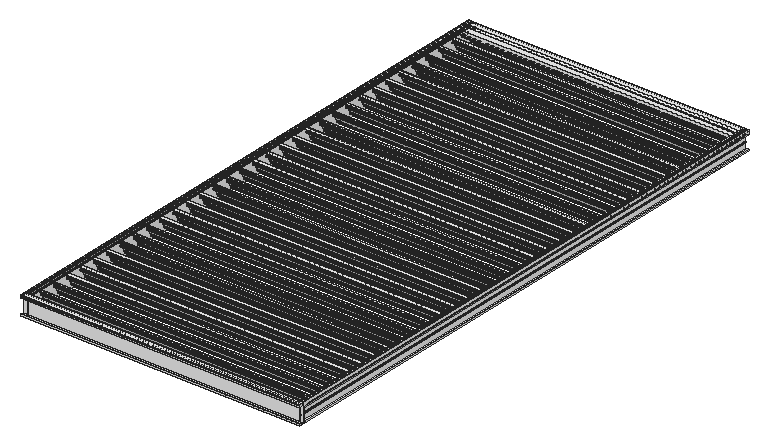
Revit family "All-Lite_EFJ-430_R17", category Mechanical Equipment, host Face, Revit 2017
Family settings
  Host = Face
  Round Connector Dimension = Use Diameter
  Part Type = Normal
  Cut with Voids When Loaded = No
  Shared = No
  Room Calculation Point = No
Parameters (values of type "60" x 120"")
  Width Control = if(Width < 4 1/2", 4 1/2", Width)  # 60"
  Width = 60"
  Wall Depth [instance] = 12"
  Velocity @ 0.15 in. wg. Pressure Loss = "960 fpm"  # constant formula
  URL = "https://www.alllite.com/"
  Pressure Loss = ".16 in. wg"  # constant formula
  Screen = "1/2'' x 0.063'' expanded and flattened aluminum."  # constant formula
  Product URL = "https://www.alllite.com/media/resource/EFJ430.pdf"
  Revit Components [instance] = "www.commensestudio.com"
  Mullion = "Visible"  # constant formula
  Modeled By = "Commense Studio"  # constant formula
  Model = "EFJ-430"  # constant formula
  Maximum Size = "60'' x 120''"  # constant formula
  Louver Placement from Face [instance] = 1"
  Height Control = if(Height < 7 1/2", 7 1/2", Height)  # 120"
  Free Area Velocity = "1002 fpm"  # constant formula
  Design Load = "30 psf"  # constant formula
  Air Volume Delivered = "8549 cfm"  # constant formula
  Material = "Mill finish 6063-T5 extruded aluminum."  # constant formula
  Manufacturer = "All-Lite"  # constant formula
  Aluminum [instance] = Aluminum
  Blade Width = Width - 2"  # 58"
  Frame = "4'' deep x 0.081'' thick channel."  # constant formula
  Description = "The EFJ-430 extruded aluminum louver is designed for intake\r\nand exhaust application where protection against water\r\ninfiltration is not critical. The EFJ-430 is well suited for special\r\nshape applications and is available with hidden mullions for a\r\ncontinuous blade appearance of multiple section assemblies.\r\nThe EFJ-430 is available in a wide array of anodized and\r\npainted finishes including custom color matching."  # constant formula
  Height = 120"
  Depth = 4"  # constant formula
  Default Elevation = 0"
  Minimum Size = "4.5'' x 7.5'"  # constant formula
  Blades = "30° x 0.081'' thick J- style."  # constant formula
  Assembly Code = "B3020300"
  Array Control 2 = if(Array Control 1 < 2, 2, Array Control 1)  # 32
  Array Control 1 = (Height - 9 23/32") / 3 1/2"  # 32
Types (3): name | Width Control | Width | URL | Product URL | Height Control | Blade Width | Height | Array Control 2 | Array Control 1
  (no name) | 60" | 60" | "https://www.alllite.com/" | "https://www.alllite.com/media/resource/EFJ430.pdf" | 120" | 58" | 120" | 32 | 32
  60" x 120" | 60" | 60" | "https://www.alllite.com/" | "https://www.alllite.com/media/resource/EFJ430.pdf" | 120" | 58" | 120" | 32 | 32
  36" x 48" | 36" | 36" | "https://www.pottorff.com/" | "" | 48" | 34" | 48" | 11 | 11
Reference planes (in)
  plane 1 "Center (Front/Back)": y = 0
  plane 2: z = 0
  plane 3 "Center (Left/Right)": x = 0
  plane 4 "L": x = -30
  plane 5 "R": x = 30
  plane 6 "B": y = 60
  plane 7 "F": y = -60
  plane 8 "Framing Sweeps": z = -1
  plane 9: x = -29
  plane 10: x = 29
  plane 11 "blade": z = -1.081
  plane 12: y = -57
  plane 13: y = 56.7965
  plane 14: y = 53.2965
  plane 15: z = -5.4937
  plane 16: z = -12
Forms (in)
  Sweep 1, solid, material "Aluminum" <- "Aluminum"
    path origin (0, 0, -1) x (-1, 0, 0) y (0, -1, 0)
      loop
        line (30, 60) -> (-30, 60)
    profile origin (0, -60, -1) x (0, 1, 0) y (0, 0, 1)
      loop
        line (0.984, -3.919) -> (0.984, 0) -> (0, 0) -> (0, -0.206) -> (0.065, -0.206)
        arc (0.065, -0.206) -> (0.07568, -0.17511) -> (0.10563, -0.162) r 0.04076
        line (0.10563, -0.162) -> (0.181, -0.162) -> (0.181, -0.081) -> (0.309, -0.081) -> (0.309, -0.162) -> (0.4005, -0.162) -> (0.4005, -0.305) -> (0, -0.305) -> (0, -0.5625) -> (0.081, -0.5625) -> (0.081, -0.386) -> (0.4815, -0.386) -> (0.4815, -0.081) -> (0.903, -0.081) -> (0.903, -3.919) -> (0.081, -3.919) -> (0.081, -3.6875) -> (0, -3.6875) -> (0, -4) -> (3.984, -4) -> (3.984, -3.919) -> (0.984, -3.919)
  Sweep 2, solid, material "Aluminum" <- "Aluminum"
    path origin (0, 0, -1) x (-1, 0, 0) y (0, -1, 0)
      loop
        line (29, -60) -> (-29, -60)
    profile origin (0, 60, -1) x (0, 1, 0) y (0, 0, 1)
      loop
        line (0, -4) -> (0, -0.213) -> (-0.401, -0.213) -> (-0.401, -0.07) -> (-0.09873, -0.07)
        arc (-0.09873, -0.07) -> (-0.08447, -0.07703) -> (-0.08138, -0.09263) r 0.01796
        arc (-0.08138, -0.09263) -> (-0.07846, -0.10736) -> (-0.065, -0.114) r 0.01697
        line (-0.065, -0.114) -> (0, -0.114) -> (0, 0) -> (-0.99667, 0) -> (-1.696, -0.69933) -> (-1.63872, -0.7566) -> (-0.96312, -0.081) -> (-0.482, -0.081) -> (-0.482, -0.294) -> (-0.081, -0.294) -> (-0.081, -0.812) -> (-0.29327, -0.812)
        arc (-0.29327, -0.812) -> (-0.33377, -0.8525) -> (-0.29327, -0.893) r 0.0405
        line (-0.29327, -0.893) -> (-0.1249, -0.893)
        arc (-0.1249, -0.893) -> (-0.0809, -0.937) -> (-0.1249, -0.981) r 0.044
        line (-0.1249, -0.981) -> (-0.59685, -0.981)
        arc (-0.59685, -0.981) -> (-0.56224, -0.94639) -> (-0.59685, -0.91177) r 0.03461
        line (-0.59685, -0.91177) -> (-0.90713, -0.91177)
        arc (-0.90713, -0.91177) -> (-0.92864, -0.90877) -> (-0.9485, -0.9) r 0.07856
        line (-0.9485, -0.9) -> (-3.1065, -0.9) -> (-3.1065, -0.081) -> (-2.2275, -0.081)
        arc (-2.2275, -0.081) -> (-2.187, -0.0405) -> (-2.2275, 0) r 0.0405
        line (-2.2275, 0) -> (-3.14844, 0)
        arc (-3.14844, 0) -> (-3.17606, -0.01144) -> (-3.1875, -0.03906) r 0.03906
        line (-3.1875, -0.03906) -> (-3.1875, -0.94378)
        arc (-3.1875, -0.94378) -> (-3.1766, -0.9701) -> (-3.15028, -0.981) r 0.03722
        line (-3.15028, -0.981) -> (-2.89238, -0.981)
        arc (-2.89238, -0.981) -> (-2.86453, -0.99253) -> (-2.853, -1.02038) r 0.03938
        line (-2.853, -1.02038) -> (-2.853, -1.13575)
        arc (-2.853, -1.13575) -> (-2.85952, -1.15736) -> (-2.87691, -1.17175) r 0.03906
        arc (-2.87691, -1.17175) -> (-2.97427, -1.2875) -> (-2.93733, -1.43417) r 0.166
        arc (-2.93733, -1.43417) -> (-2.88042, -1.43766) -> (-2.87642, -1.38078) r 0.0405
        arc (-2.87642, -1.38078) -> (-2.8125, -1.23975) -> (-2.74858, -1.38078) r 0.085
        arc (-2.74858, -1.38078) -> (-2.74482, -1.43793) -> (-2.68767, -1.43417) r 0.0405
        arc (-2.68767, -1.43417) -> (-2.65073, -1.2875) -> (-2.74809, -1.17175) r 0.166
        arc (-2.74809, -1.17175) -> (-2.76548, -1.15736) -> (-2.772, -1.13575) r 0.03906
        line (-2.772, -1.13575) -> (-2.772, -1.01598)
        arc (-2.772, -1.01598) -> (-2.76176, -0.99124) -> (-2.73702, -0.981) r 0.03498
        line (-2.73702, -0.981) -> (-1.89304, -0.981)
        arc (-1.89304, -0.981) -> (-1.86473, -0.99273) -> (-1.853, -1.02104) r 0.04004
        line (-1.853, -1.02104) -> (-1.853, -1.12468)
        arc (-1.853, -1.12468) -> (-1.8616, -1.15456) -> (-1.88475, -1.1753) r 0.05622
        arc (-1.88475, -1.1753) -> (-1.97518, -1.29171) -> (-1.93733, -1.43417) r 0.166
        arc (-1.93733, -1.43417) -> (-1.88042, -1.43766) -> (-1.87642, -1.38078) r 0.0405
        arc (-1.87642, -1.38078) -> (-1.8125, -1.23975) -> (-1.74858, -1.38078) r 0.085
        arc (-1.74858, -1.38078) -> (-1.74458, -1.43766) -> (-1.68767, -1.43417) r 0.0405
        arc (-1.68767, -1.43417) -> (-1.65054, -1.28834) -> (-1.74651, -1.17243) r 0.166
        arc (-1.74651, -1.17243) -> (-1.76506, -1.15683) -> (-1.772, -1.13361) r 0.04231
        line (-1.772, -1.13361) -> (-1.772, -1.02489)
        arc (-1.772, -1.02489) -> (-1.75914, -0.99386) -> (-1.7281, -0.981) r 0.04389
        line (-1.7281, -0.981) -> (-0.831, -0.981) -> (-0.831, -1.062) -> (-0.55649, -1.062)
        arc (-0.55649, -1.062) -> (-0.52821, -1.07371) -> (-0.5165, -1.10199) r 0.03999
        line (-0.5165, -1.10199) -> (-0.5165, -1.17239)
        arc (-0.5165, -1.17239) -> (-0.52274, -1.19295) -> (-0.53936, -1.20657) r 0.03697
        arc (-0.53936, -1.20657) -> (-0.63762, -1.32211) -> (-0.60095, -1.46928) r 0.166
        arc (-0.60095, -1.46928) -> (-0.5438, -1.47311) -> (-0.53998, -1.41596) r 0.0405
        arc (-0.53998, -1.41596) -> (-0.476, -1.275) -> (-0.41202, -1.41596) r 0.085
        arc (-0.41202, -1.41596) -> (-0.4082, -1.47311) -> (-0.35105, -1.46928) r 0.0405
        arc (-0.35105, -1.46928) -> (-0.31411, -1.32328) -> (-0.41042, -1.2075) r 0.166
        arc (-0.41042, -1.2075) -> (-0.42867, -1.19222) -> (-0.4355, -1.16942) r 0.04145
        line (-0.4355, -1.16942) -> (-0.4355, -1.10206)
        arc (-0.4355, -1.10206) -> (-0.42377, -1.07373) -> (-0.39544, -1.062) r 0.04006
        line (-0.39544, -1.062) -> (-0.12312, -1.062)
        arc (-0.12312, -1.062) -> (-0.09334, -1.07434) -> (-0.081, -1.10412) r 0.04212
        line (-0.081, -1.10412) -> (-0.081, -3.30616)
        arc (-0.081, -3.30616) -> (-0.09223, -3.33327) -> (-0.11934, -3.3445) r 0.03834
        line (-0.11934, -3.3445) -> (-0.28768, -3.3445)
        arc (-0.28768, -3.3445) -> (-0.30878, -3.33811) -> (-0.32279, -3.3211) r 0.03804
        arc (-0.32279, -3.3211) -> (-0.43839, -3.22332) -> (-0.58528, -3.26005) r 0.166
        arc (-0.58528, -3.26005) -> (-0.58911, -3.3172) -> (-0.53196, -3.32102) r 0.0405
        arc (-0.53196, -3.32102) -> (-0.391, -3.385) -> (-0.53196, -3.44898) r 0.085
        arc (-0.53196, -3.44898) -> (-0.58911, -3.4528) -> (-0.58528, -3.50995) r 0.0405
        arc (-0.58528, -3.50995) -> (-0.43875, -3.54677) -> (-0.32307, -3.44957) r 0.166
        arc (-0.32307, -3.44957) -> (-0.30856, -3.43206) -> (-0.28679, -3.4255) r 0.03939
        line (-0.28679, -3.4255) -> (-0.12037, -3.4255)
        arc (-0.12037, -3.4255) -> (-0.09253, -3.43703) -> (-0.081, -3.46487) r 0.03937
        line (-0.081, -3.46487) -> (-0.081, -3.88124)
        arc (-0.081, -3.88124) -> (-0.09206, -3.90794) -> (-0.11876, -3.919) r 0.03776
        line (-0.11876, -3.919) -> (-0.75, -3.919) -> (-0.75, -4) -> (0, -4)
  Sweep 3, solid, material "Aluminum" <- "Aluminum"
    path origin (0, 0, -1) x (-1, 0, 0) y (0, -1, 0)
      loop
        line (30, -60) -> (30, 59.016)
    profile "Profile - Vertical Frame 1 : Profile - Vertical Frame 1" origin (-30, 0.492, -1) x (1, 0, 0) y (0, 0, 1)
      loop
        line (1, 0) -> (0, 0) -> (0, -0.206) -> (0.065, -0.206) -> (0.065, -0.162) -> (0.181, -0.162) -> (0.181, -0.081) -> (0.309, -0.081) -> (0.309, -0.162) -> (0.4005, -0.162) -> (0.4005, -0.305) -> (0, -0.305) -> (0, -0.84828)
        arc (0, -0.84828) -> (0.06849, -0.99401) -> (0.21422, -1.0625) r 0.23736
        line (0.21422, -1.0625) -> (0.30841, -1.0625)
        arc (0.30841, -1.0625) -> (0.3319, -1.06867) -> (0.34933, -1.08559) r 0.04781
        arc (0.34933, -1.08559) -> (0.40799, -1.09729) -> (0.41433, -1.03782) r 0.0405
        arc (0.41433, -1.03782) -> (0.478, -0.8965) -> (0.54167, -1.03782) r 0.085
        arc (0.54167, -1.03782) -> (0.54984, -1.09855) -> (0.60875, -1.08168) r 0.0405
        arc (0.60875, -1.08168) -> (0.62096, -1.0677) -> (0.63877, -1.0625) r 0.03309
        line (0.63877, -1.0625) -> (0.794, -1.0625) -> (0.794, -2.4465)
        arc (0.794, -2.4465) -> (0.78434, -2.46522) -> (0.76349, -2.4682) r 0.02297
        arc (0.76349, -2.4682) -> (0.67685, -2.46214) -> (0.59901, -2.50067) r 0.166
        arc (0.59901, -2.50067) -> (0.59551, -2.55783) -> (0.65268, -2.56133) r 0.0405
        arc (0.65268, -2.56133) -> (0.794, -2.625) -> (0.65268, -2.68867) r 0.085
        arc (0.65268, -2.68867) -> (0.59551, -2.69217) -> (0.59901, -2.74933) r 0.0405
        arc (0.59901, -2.74933) -> (0.67478, -2.78743) -> (0.75947, -2.78314) r 0.166
        arc (0.75947, -2.78314) -> (0.78314, -2.78698) -> (0.794, -2.80836) r 0.02648
        line (0.794, -2.80836) -> (0.794, -3.919) -> (0.081, -3.919) -> (0.081, -3.728)
        arc (0.081, -3.728) -> (0.0405, -3.6875) -> (0, -3.728) r 0.0405
        line (0, -3.728) -> (0, -4) -> (0.875, -4) -> (0.875, -0.9815) -> (0.66593, -0.9815)
        arc (0.66593, -0.9815) -> (0.65045, -0.97564) -> (0.64273, -0.96101) r 0.02338
        arc (0.64273, -0.96101) -> (0.47961, -0.81551) -> (0.3137, -0.95782) r 0.166
        arc (0.3137, -0.95782) -> (0.30444, -0.97476) -> (0.28636, -0.9815) r 0.02762
        line (0.28636, -0.9815) -> (0.23632, -0.9815)
        arc (0.23632, -0.9815) -> (0.12649, -0.93601) -> (0.081, -0.82618) r 0.15532
        line (0.081, -0.82618) -> (0.081, -0.386) -> (0.4815, -0.386) -> (0.4815, -0.081) -> (0.794, -0.081) -> (0.794, -0.21761)
        arc (0.794, -0.21761) -> (0.8345, -0.25811) -> (0.875, -0.21761) r 0.0405
        line (0.875, -0.21761) -> (0.875, -0.081) -> (1, -0.081) -> (1, 0)
  Sweep 4, solid, material "Aluminum" <- "Aluminum"
    path origin (0, 0, -1) x (-1, 0, 0) y (0, -1, 0)
      loop
        line (-30, -60) -> (-30, 59.016)
    profile "Profile - Vertical Frame 1 : Profile - Vertical Frame 1" origin (30, 0.492, -1) x (1, 0, 0) y (0, 0, 1)
      loop
        line (-1, 0) -> (-1, -0.081) -> (-0.875, -0.081) -> (-0.875, -0.21761)
        arc (-0.875, -0.21761) -> (-0.8345, -0.25811) -> (-0.794, -0.21761) r 0.0405
        line (-0.794, -0.21761) -> (-0.794, -0.081) -> (-0.4815, -0.081) -> (-0.4815, -0.386) -> (-0.081, -0.386) -> (-0.081, -0.82618)
        arc (-0.081, -0.82618) -> (-0.12649, -0.93601) -> (-0.23632, -0.9815) r 0.15532
        line (-0.23632, -0.9815) -> (-0.28636, -0.9815)
        arc (-0.28636, -0.9815) -> (-0.30444, -0.97476) -> (-0.3137, -0.95782) r 0.02762
        arc (-0.3137, -0.95782) -> (-0.47961, -0.81551) -> (-0.64273, -0.96101) r 0.166
        arc (-0.64273, -0.96101) -> (-0.65045, -0.97564) -> (-0.66593, -0.9815) r 0.02338
        line (-0.66593, -0.9815) -> (-0.875, -0.9815) -> (-0.875, -4) -> (0, -4) -> (0, -3.728)
        arc (0, -3.728) -> (-0.0405, -3.6875) -> (-0.081, -3.728) r 0.0405
        line (-0.081, -3.728) -> (-0.081, -3.919) -> (-0.794, -3.919) -> (-0.794, -2.80836)
        arc (-0.794, -2.80836) -> (-0.78314, -2.78698) -> (-0.75947, -2.78314) r 0.02648
        arc (-0.75947, -2.78314) -> (-0.67478, -2.78743) -> (-0.59901, -2.74933) r 0.166
        arc (-0.59901, -2.74933) -> (-0.59551, -2.69217) -> (-0.65268, -2.68867) r 0.0405
        arc (-0.65268, -2.68867) -> (-0.794, -2.625) -> (-0.65268, -2.56133) r 0.085
        arc (-0.65268, -2.56133) -> (-0.59551, -2.55783) -> (-0.59901, -2.50067) r 0.0405
        arc (-0.59901, -2.50067) -> (-0.67685, -2.46214) -> (-0.76349, -2.4682) r 0.166
        arc (-0.76349, -2.4682) -> (-0.78434, -2.46522) -> (-0.794, -2.4465) r 0.02297
        line (-0.794, -2.4465) -> (-0.794, -1.0625) -> (-0.63877, -1.0625)
        arc (-0.63877, -1.0625) -> (-0.62096, -1.0677) -> (-0.60875, -1.08168) r 0.03309
        arc (-0.60875, -1.08168) -> (-0.54984, -1.09855) -> (-0.54167, -1.03782) r 0.0405
        arc (-0.54167, -1.03782) -> (-0.478, -0.8965) -> (-0.41433, -1.03782) r 0.085
        arc (-0.41433, -1.03782) -> (-0.40799, -1.09729) -> (-0.34933, -1.08559) r 0.0405
        arc (-0.34933, -1.08559) -> (-0.3319, -1.06867) -> (-0.30841, -1.0625) r 0.04781
        line (-0.30841, -1.0625) -> (-0.21422, -1.0625)
        arc (-0.21422, -1.0625) -> (-0.06849, -0.99401) -> (0, -0.84828) r 0.23736
        line (0, -0.84828) -> (0, -0.305) -> (-0.4005, -0.305) -> (-0.4005, -0.162) -> (-0.309, -0.162) -> (-0.309, -0.081) -> (-0.181, -0.081) -> (-0.181, -0.162) -> (-0.065, -0.162) -> (-0.065, -0.206) -> (0, -0.206) -> (0, 0) -> (-1, 0)
  Extrusion 5, void
    sketch origin (10.61611, 0, 0) x (0, 0, 1) y (0, -1, 0)
      loop
        line (0, 60) -> (-12, 60) -> (-12, -60) -> (0, -60) -> (0, 60)
    from -40.61611 to 19.38389
Cuts and joins
  joined: Sweep 1, Sweep 3, Sweep 4
Lines and regions (in)
  symbolic lines
    curve 1: line (-30, 60, -1) -> (30, 60, -1)
    curve 2: line (-30, -60, -1) -> (-30, 60, -1)
    curve 3: line (30, -60, -1) -> (-30, -60, -1)
    curve 4: line (30, 60, -1) -> (30, -60, -1)
    curve 5: line (-29.5, 59.5, -1) -> (29.5, 59.5, -1)
    curve 6: line (29.5, 59.5, -1) -> (29.5, -59.5, -1)
    curve 7: line (29.5, -59.5, -1) -> (-29.5, -59.5, -1)
    curve 8: line (-29.5, -59.5, -1) -> (-29.5, 59.5, -1)
Dimensions and locks (in)
  equal spacing: plane 4 "L", plane 3 "Center (Left/Right)", plane 5 "R"
  "Width Control": plane 4 "L" to plane 5 "R"
  equal spacing: plane 7 "F", plane 1 "Center (Front/Back)", plane 6 "B"
  "Height Control": plane 7 "F" to plane 6 "B"
  "Louver Placement from Face": level to plane 8 "Framing Sweeps"
  plane 4 "L" to plane 9 = 1"
  plane 10 to plane 5 "R" = 1"
  locked: plane 7 "F" to plane 12 at 3
  locked: plane 13 to plane 6 "B" at 3.2035
  locked: plane 14 to plane 13 at 3.5
  equal spacing: group 1, group 3, group 4, group 5, group 6, group 7, group 8, group 9, group 10, group 11, group 12, group 13, group 14, group 15, group 16, group 17, group 18, group 19, group 20, group 21, group 22, group 23, group 24, group 25, group 26, group 27, group 28, group 29, group 30, group 31, group 32, group 2  (x3)
  locked: plane 8 "Framing Sweeps" to plane 11 "blade" at 0.081
  "Wall Depth": level to plane 16
  aligned and locked: plane 2 to host face
  aligned and locked: level to host face
  aligned and locked: plane 11 "blade" to nested 1
  aligned and locked: plane 12 to nested 1
  aligned and locked: plane 9 to nested 2
  aligned and locked: nested 1 to plane 10
  aligned and locked: plane 14 to nested 2
  aligned and locked: plane 6 "B" to Sweep 2 sketch curve
  aligned and locked: Sweep 4 sketch curve to plane 5 "R"
  aligned and locked: plane 9 to Sweep 2 sketch curve
  aligned and locked: Sweep 2 sketch curve to plane 10
  aligned and locked: plane 11 "blade" to nested 2
  aligned and locked: plane 16 to host face
  aligned and locked: plane 16 to Extrusion 5
  aligned and locked: plane 7 "F" to Extrusion 5
  aligned and locked: Extrusion 5 to plane 4 "L"
  aligned and locked: Extrusion 5 to plane 5 "R"
Automatic sketch dimensions
  host sketch curve to host sketch curve = 96"
  host sketch curve to host sketch curve = 158.30898"
  curve 1 to plane 5 "R" = 0"
  curve 2 to plane 4 "L" = 0"
  plane 6 "B" to curve 1 = 0"
  plane 7 "F" to curve 3 = 0"
  curve 7 to plane 5 "R" = 1/2"
  plane 4 "L" to curve 7 = 1/2"
  plane 6 "B" to curve 5 = 1/2"
  curve 8 to plane 7 "F" = 1/2"
  Sweep 2 sketch curve to Sweep 2 sketch curve = 0"  (x36)
  Sweep 2 sketch curve to profile plane = 0"  (x2)
  profile plane to Sweep 2 sketch curve = 0.065"
  profile plane to Sweep 2 sketch curve = 0.081"  (x3)
  Sweep 2 sketch curve to Sweep 2 sketch curve = 0.03373"
  Sweep 2 sketch curve to Sweep 2 sketch curve = 0.03776"
  Sweep 2 sketch curve to Sweep 2 sketch curve = 0.03834"
  Sweep 2 sketch curve to Sweep 2 sketch curve = 0.03937"
  Sweep 2 sketch curve to Sweep 2 sketch curve = 0.04212"
  profile plane to Sweep 2 sketch curve = 0.1249"
  Sweep 2 sketch curve to Sweep 2 sketch curve = 0.16642"
  Sweep 2 sketch curve to Sweep 2 sketch curve = 0.00089"
  Sweep 2 sketch curve to Sweep 2 sketch curve = 0.16837"
  profile plane to Sweep 2 sketch curve = 0.38153"
  Sweep 2 sketch curve to Sweep 2 sketch curve = 0.01251"
  Sweep 2 sketch curve to Sweep 2 sketch curve = 0.00139"
  Sweep 2 sketch curve to plane 8 "Framing Sweeps" = 0.07"
  Sweep 2 sketch curve to Sweep 2 sketch curve = 0.30227"
  Sweep 2 sketch curve to Sweep 2 sketch curve = 0.04006"
  Sweep 2 sketch curve to Sweep 2 sketch curve = 0.09447"  (x4)
  Sweep 2 sketch curve to Sweep 2 sketch curve = 0.18832"
  Sweep 2 sketch curve to Sweep 2 sketch curve = 0.081"  (x8)
  Sweep 2 sketch curve to Sweep 2 sketch curve = 0.03697"
  Sweep 2 sketch curve to Sweep 2 sketch curve = 0.03999"
  Sweep 2 sketch curve to Sweep 2 sketch curve = 0.08262"  (x4)
  Sweep 2 sketch curve to Sweep 2 sketch curve = 0.04036"
  Sweep 2 sketch curve to Sweep 2 sketch curve = 0.19138"
  Sweep 2 sketch curve to Sweep 2 sketch curve = 0.23415"
  Sweep 2 sketch curve to Sweep 2 sketch curve = 0.07613"
  Sweep 2 sketch curve to Sweep 2 sketch curve = 0.04136"
  Sweep 2 sketch curve to plane 8 "Framing Sweeps" = 0.081"  (x2)
  Sweep 2 sketch curve to Sweep 2 sketch curve = 0.48112"
  plane 8 "Framing Sweeps" to Sweep 2 sketch curve = 0"
  Sweep 2 sketch curve to Sweep 2 sketch curve = 0.03355"
  Sweep 2 sketch curve to plane 8 "Framing Sweeps" = 0.7566"
  Sweep 2 sketch curve to Sweep 2 sketch curve = 0.69022"
  Sweep 2 sketch curve to plane 8 "Framing Sweeps" = 0.69933"
  Sweep 2 sketch curve to Sweep 2 sketch curve = 0.05728"
  Sweep 2 sketch curve to Sweep 2 sketch curve = 0.07916"
  Sweep 2 sketch curve to Sweep 2 sketch curve = 0.08938"
  Sweep 2 sketch curve to Sweep 2 sketch curve = 0.00159"
  Sweep 2 sketch curve to Sweep 2 sketch curve = 0.04231"
  Sweep 2 sketch curve to Sweep 2 sketch curve = 0.09462"  (x3)
  Sweep 2 sketch curve to Sweep 2 sketch curve = 0.04004"
  Sweep 2 sketch curve to Sweep 2 sketch curve = 0.05622"
  Sweep 2 sketch curve to Sweep 2 sketch curve = 0.5315"
  Sweep 2 sketch curve to Sweep 2 sketch curve = 0.81101"
  Sweep 2 sketch curve to Sweep 2 sketch curve = 0.01481"
  Sweep 2 sketch curve to Sweep 2 sketch curve = 0.00408"
  Sweep 2 sketch curve to Sweep 2 sketch curve = 5/128"  (x3)
  Sweep 2 sketch curve to Sweep 2 sketch curve = 0.09438"
  Sweep 2 sketch curve to Sweep 2 sketch curve = 0.03938"  (x2)
  Sweep 2 sketch curve to Sweep 2 sketch curve = 0.21412"
  Sweep 2 sketch curve to Sweep 2 sketch curve = 0.04194"
  Sweep 2 sketch curve to Sweep 2 sketch curve = 0.04378"  (x2)
  Sweep 2 sketch curve to Sweep 2 sketch curve = 0.742"
  Sweep 2 sketch curve to Sweep 2 sketch curve = 0.02122"
  Sweep 2 sketch curve to Sweep 2 sketch curve = 0.0405"
  Sweep 2 sketch curve to Sweep 2 sketch curve = 0.819"
  Sweep 2 sketch curve to Sweep 2 sketch curve = 0.044"  (x2)
  Sweep 2 sketch curve to Sweep 2 sketch curve = 0.2244"
  Sweep 2 sketch curve to Sweep 2 sketch curve = 0.10364"
  Sweep 2 sketch curve to Sweep 2 sketch curve = 0.10871"
  Sweep 2 sketch curve to Sweep 2 sketch curve = 0.11977"
  Sweep 2 sketch curve to Sweep 2 sketch curve = 0.11537"
  Sweep 2 sketch curve to Sweep 2 sketch curve = 0.06736"
  Sweep 2 sketch curve to Sweep 2 sketch curve = 0.0704"
  Sweep 2 sketch curve to Sweep 2 sketch curve = 0.189"
  Sweep 2 sketch curve to Sweep 2 sketch curve = 0.19114"
  Sweep 2 sketch curve to Sweep 2 sketch curve = 0.18761"
  Sweep 2 sketch curve to Sweep 2 sketch curve = 0.08245"  (x3)
  Sweep 2 sketch curve to Sweep 2 sketch curve = 0.08272"
  Sweep 2 sketch curve to Sweep 2 sketch curve = 1.84791"
  Sweep 2 sketch curve to Sweep 2 sketch curve = 1/64"
  Sweep 2 sketch curve to Sweep 2 sketch curve = 0.03804"
  Sweep 2 sketch curve to Sweep 2 sketch curve = 0.03939"
  Sweep 2 sketch curve to Sweep 2 sketch curve = 0.41638"
  Sweep 2 sketch curve to Sweep 2 sketch curve = 0.11876"
  Sweep 2 sketch curve to Sweep 2 sketch curve = 0.224"
  Sweep 2 sketch curve to Sweep 2 sketch curve = 0.01697"
  Sweep 2 sketch curve to Sweep 2 sketch curve = 0.01796"
  Sweep 2 sketch curve to plane 8 "Framing Sweeps" = 0.0405"
  Sweep 2 sketch curve to Sweep 2 sketch curve = 0.03049"
  Sweep 2 sketch curve to Sweep 2 sketch curve = 0.02666"  (x2)
  Sweep 2 sketch curve to Sweep 2 sketch curve = 0.03022"
  Sweep 2 sketch curve to Sweep 2 sketch curve = 0.0307"  (x3)
  Sweep 2 sketch curve to Sweep 2 sketch curve = 0.03046"
  Sweep 4 sketch curve to plane 6 "B" = 0"
  Sweep 4 sketch curve to plane 7 "F" = 0.984"
  Sweep 3 sketch curve to plane 4 "L" = 0"
  Sweep 3 sketch curve to plane 6 "B" = 0"
  Sweep 3 sketch curve to plane 7 "F" = 0.984"
  Sweep 1 sketch curve to plane 5 "R" = 0"
  Sweep 1 sketch curve to plane 4 "L" = 0"
  plane 7 "F" to Sweep 1 sketch curve = 0"
  Sweep 1 sketch curve to profile plane = 0"  (x3)
  Sweep 1 sketch curve to plane 8 "Framing Sweeps" = 0"
  Sweep 1 sketch curve to Sweep 1 sketch curve = 0.065"
  Sweep 1 sketch curve to Sweep 1 sketch curve = 0.081"  (x7)
  Sweep 1 sketch curve to profile plane = 0.081"
  Sweep 1 sketch curve to Sweep 1 sketch curve = 0.04063"
  Sweep 1 sketch curve to Sweep 1 sketch curve = 0.07537"
  Sweep 1 sketch curve to Sweep 1 sketch curve = 0.128"
  Sweep 1 sketch curve to Sweep 1 sketch curve = 0.0915"
  Sweep 1 sketch curve to Sweep 1 sketch curve = 0.822"
  Sweep 1 sketch curve to Sweep 1 sketch curve = 3"
  Sweep 1 sketch curve to plane 8 "Framing Sweeps" = 0.081"  (x2)
  Sweep 1 sketch curve to Sweep 1 sketch curve = 0.04076"
  Sweep 1 sketch curve to Sweep 1 sketch curve = 0.099"
  Sweep 1 sketch curve to Sweep 1 sketch curve = 0.1765"
  Sweep 1 sketch curve to Sweep 1 sketch curve = 3 1/8"
  Sweep 1 sketch curve to Sweep 1 sketch curve = 0.2315"
  Sweep 1 sketch curve to Sweep 1 sketch curve = 0"
  Extrusion 5 sketch curve to level = 0"
  Extrusion 5 sketch curve to plane 6 "B" = 0"
  Extrusion 5 sketch curve to plane 11 "blade" = 10.919"
  Extrusion 5 sketch curve to plane 14 = 113.2965"
Nested families (in)
  nested 1: "Blade_J-Style_30 deg" at (0, -57, -1.081), type "Blade_J-Style_30 deg"
    with W 58"
  nested 2: "Blade_J-Style_30 deg" at (0, 53.2965, -1.081), type "Blade_J-Style_30 deg"
    with W 58"
  nested 3: "Blade_J-Style_30 deg" at (0, -53.44205, -1.081), type "Blade_J-Style_30 deg"
    with W 58"
  nested 4: "Blade_J-Style_30 deg" at (0, -49.8841, -1.081), type "Blade_J-Style_30 deg"
    with W 58"
  nested 5: "Blade_J-Style_30 deg" at (0, -46.32615, -1.081), type "Blade_J-Style_30 deg"
    with W 58"
  nested 6: "Blade_J-Style_30 deg" at (0, -42.76819, -1.081), type "Blade_J-Style_30 deg"
    with W 58"
  nested 7: "Blade_J-Style_30 deg" at (0, -39.21024, -1.081), type "Blade_J-Style_30 deg"
    with W 58"
  nested 8: "Blade_J-Style_30 deg" at (0, -35.65229, -1.081), type "Blade_J-Style_30 deg"
    with W 58"
  nested 9: "Blade_J-Style_30 deg" at (0, -32.09434, -1.081), type "Blade_J-Style_30 deg"
    with W 58"
  nested 10: "Blade_J-Style_30 deg" at (0, -28.53639, -1.081), type "Blade_J-Style_30 deg"
    with W 58"
  nested 11: "Blade_J-Style_30 deg" at (0, -24.97844, -1.081), type "Blade_J-Style_30 deg"
    with W 58"
  nested 12: "Blade_J-Style_30 deg" at (0, -21.42048, -1.081), type "Blade_J-Style_30 deg"
    with W 58"
  nested 13: "Blade_J-Style_30 deg" at (0, -17.86253, -1.081), type "Blade_J-Style_30 deg"
    with W 58"
  nested 14: "Blade_J-Style_30 deg" at (0, -14.30458, -1.081), type "Blade_J-Style_30 deg"
    with W 58"
  nested 15: "Blade_J-Style_30 deg" at (0, -10.74663, -1.081), type "Blade_J-Style_30 deg"
    with W 58"
  nested 16: "Blade_J-Style_30 deg" at (0, -7.18868, -1.081), type "Blade_J-Style_30 deg"
    with W 58"
  nested 17: "Blade_J-Style_30 deg" at (0, -3.63073, -1.081), type "Blade_J-Style_30 deg"
    with W 58"
  nested 18: "Blade_J-Style_30 deg" at (0, -0.07277, -1.081), type "Blade_J-Style_30 deg"
    with W 58"
  nested 19: "Blade_J-Style_30 deg" at (0, 3.48518, -1.081), type "Blade_J-Style_30 deg"
    with W 58"
  nested 20: "Blade_J-Style_30 deg" at (0, 7.04313, -1.081), type "Blade_J-Style_30 deg"
    with W 58"
  nested 21: "Blade_J-Style_30 deg" at (0, 10.60108, -1.081), type "Blade_J-Style_30 deg"
    with W 58"
  nested 22: "Blade_J-Style_30 deg" at (0, 14.15903, -1.081), type "Blade_J-Style_30 deg"
    with W 58"
  nested 23: "Blade_J-Style_30 deg" at (0, 17.71698, -1.081), type "Blade_J-Style_30 deg"
    with W 58"
  nested 24: "Blade_J-Style_30 deg" at (0, 21.27494, -1.081), type "Blade_J-Style_30 deg"
    with W 58"
  nested 25: "Blade_J-Style_30 deg" at (0, 24.83289, -1.081), type "Blade_J-Style_30 deg"
    with W 58"
  nested 26: "Blade_J-Style_30 deg" at (0, 28.39084, -1.081), type "Blade_J-Style_30 deg"
    with W 58"
  nested 27: "Blade_J-Style_30 deg" at (0, 31.94879, -1.081), type "Blade_J-Style_30 deg"
    with W 58"
  nested 28: "Blade_J-Style_30 deg" at (0, 35.50674, -1.081), type "Blade_J-Style_30 deg"
    with W 58"
  nested 29: "Blade_J-Style_30 deg" at (0, 39.06469, -1.081), type "Blade_J-Style_30 deg"
    with W 58"
  nested 30: "Blade_J-Style_30 deg" at (0, 42.62265, -1.081), type "Blade_J-Style_30 deg"
    with W 58"
  nested 31: "Blade_J-Style_30 deg" at (0, 46.1806, -1.081), type "Blade_J-Style_30 deg"
    with W 58"
  nested 32: "Blade_J-Style_30 deg" at (0, 49.73855, -1.081), type "Blade_J-Style_30 deg"
    with W 58"
Connectors (in)
  hvac at (0, 0, -1), driven by "Height", driven by "Width"
    settings: index 1, duct flow 0 CFM, flow factor 0, pres drop 0.00 in-wg, loss coef 0, conn angle 0.00°, conn width 60", conn height 120", conn diameter 24", duct sys type 1, conn prof type 1, flow config 0, flow direction 0, loss method 0, conn ref index -1, conn util no, is conn primary yes, conn desc ""
Definition of nested family "Blade_J-Style_30 deg"
  Parameters (values of type "Blade_J-Style_30 deg")
    W = 36"
    Louver = none
    Blade = none
    Assembly Code = ""
  Reference planes (in)
    plane 1 "Center (Front/Back)": y = 0
    plane 2: z = 0
    plane 3 "Center (Left/Right)": x = 0
    plane 4: x = -18
    plane 5: x = 18
    plane 6: z = 0
    plane 7: y = 3.5
  Forms (in)
    Sweep 1, solid, material <- "Blade"
      path origin (0, 0, 0) x (1, 0, 0) y (0, 0, -1)
        loop
          line (-18, 0) -> (18, 0)
      profile origin (0, 0, 0) x (0, 0, -1) y (0, 1, 0)
        loop
          line (0.081, 0.07592) -> (0.081, 0.6711) -> (1.15192, 1.28939)
          arc (1.15192, 1.28939) -> (1.19098, 1.29018) -> (1.21253, 1.25758) r 0.0405
          arc (1.21253, 1.25758) -> (1.24966, 1.16595) -> (1.33251, 1.11199) r 0.165
          arc (1.33251, 1.11199) -> (1.38186, 1.13976) -> (1.3541, 1.18911) r 0.04004
          arc (1.3541, 1.18911) -> (1.33254, 1.34516) -> (1.46139, 1.25452) r 0.08589
          arc (1.46139, 1.25452) -> (1.49214, 1.20786) -> (1.5388, 1.23861) r 0.03952
          arc (1.5388, 1.23861) -> (1.53094, 1.33102) -> (1.47405, 1.40428) r 0.16345
          arc (1.47405, 1.40428) -> (1.45593, 1.44187) -> (1.47768, 1.47747) r 0.04361
          line (1.47768, 1.47747) -> (2.74426, 2.20873)
          arc (2.74426, 2.20873) -> (2.81443, 2.25732) -> (2.87573, 2.31671) r 0.52108
          arc (2.87573, 2.31671) -> (2.9062, 2.33195) -> (2.93864, 2.32152) r 0.04508
          arc (2.93864, 2.32152) -> (2.96382, 2.30407) -> (2.99178, 2.29153) r 0.166
          arc (2.99178, 2.29153) -> (3.04319, 2.31677) -> (3.01795, 2.36819) r 0.0405
          arc (3.01795, 2.36819) -> (3.00291, 2.52224) -> (3.12881, 2.43219) r 0.085
          arc (3.12881, 2.43219) -> (3.16071, 2.38462) -> (3.20828, 2.41653) r 0.0405
          arc (3.20828, 2.41653) -> (3.205, 2.49434) -> (3.16659, 2.56209) r 0.166
          arc (3.16659, 2.56209) -> (3.15646, 2.59452) -> (3.17557, 2.62261) r 0.03906
          line (3.17557, 2.62261) -> (3.829, 2.99987) -> (3.829, 3.56187)
          arc (3.829, 3.56187) -> (3.7885, 3.60237) -> (3.748, 3.56187) r 0.0405
          line (3.748, 3.56187) -> (3.748, 3.04664) -> (2.87284, 2.54137)
          arc (2.87284, 2.54137) -> (2.85312, 2.52086) -> (2.84735, 2.493) r 0.05129
          arc (2.84735, 2.493) -> (2.82488, 2.38434) -> (2.74795, 2.30439) r 0.2
          line (2.74795, 2.30439) -> (0, 0.71786) -> (0, 0.01557)
          arc (0, 0.01557) -> (0.00977, 0.00095) -> (0.02701, 0.00438) r 0.01582
          line (0.02701, 0.00438) -> (0.06859, 0.04596)
          arc (0.06859, 0.04596) -> (0.07778, 0.05971) -> (0.081, 0.07592) r 0.04236
  Dimensions and locks (in)
    plane 5 to plane 4 = 36"
    equal spacing: plane 4, plane 3 "Center (Left/Right)", plane 5
    "W": plane 4 to plane 5
    aligned and locked: plane 2 to level
  Automatic sketch dimensions
    Sweep 1 sketch curve to plane 4 = 0"
    Sweep 1 sketch curve to plane 5 = 0"
    level to Sweep 1 sketch curve = 0"
    Sweep 1 sketch curve to profile plane = 0"
    Sweep 1 sketch curve to profile plane = 0.01582"
    profile plane to Sweep 1 sketch curve = 0.00438"
    Sweep 1 sketch curve to Sweep 1 sketch curve = 0.01119"
    Sweep 1 sketch curve to profile plane = 0.03864"
    Sweep 1 sketch curve to Sweep 1 sketch curve = 0.02996"
    Sweep 1 sketch curve to profile plane = 0.081"
    Sweep 1 sketch curve to profile plane = 1.15192"
    Sweep 1 sketch curve to Sweep 1 sketch curve = 0.02025"
    Sweep 1 sketch curve to Sweep 1 sketch curve = 0.17114"
    Sweep 1 sketch curve to Sweep 1 sketch curve = 0.03369"
    Sweep 1 sketch curve to Sweep 1 sketch curve = 0.00026"
    Sweep 1 sketch curve to Sweep 1 sketch curve = 0.00144"
    Sweep 1 sketch curve to Sweep 1 sketch curve = 0.09898"
    Sweep 1 sketch curve to Sweep 1 sketch curve = 0.02181"
    Sweep 1 sketch curve to Sweep 1 sketch curve = 0.12139"
    Sweep 1 sketch curve to Sweep 1 sketch curve = 1.00604"
    Sweep 1 sketch curve to Sweep 1 sketch curve = 0.16423"
    Sweep 1 sketch curve to Sweep 1 sketch curve = 0.09631"
    Sweep 1 sketch curve to Sweep 1 sketch curve = 0.00369"
    Sweep 1 sketch curve to Sweep 1 sketch curve = 0.2249"
    Sweep 1 sketch curve to Sweep 1 sketch curve = 0.02564"
    Sweep 1 sketch curve to Sweep 1 sketch curve = 0.1617"
    Sweep 1 sketch curve to Sweep 1 sketch curve = 0.09522"
    Sweep 1 sketch curve to Sweep 1 sketch curve = 0.04055"
    Sweep 1 sketch curve to Sweep 1 sketch curve = 0"  (x15)
    Sweep 1 sketch curve to Sweep 1 sketch curve = 0.12313"
    Sweep 1 sketch curve to Sweep 1 sketch curve = 0.00703"
    Sweep 1 sketch curve to Sweep 1 sketch curve = 5/256"
    Sweep 1 sketch curve to Sweep 1 sketch curve = 0.57243"
    Sweep 1 sketch curve to Sweep 1 sketch curve = 0.0405"
    profile plane to Sweep 1 sketch curve = 0.04596"
    Sweep 1 sketch curve to Sweep 1 sketch curve = 0.59518"
    Sweep 1 sketch curve to Sweep 1 sketch curve = 0.04677"  (x2)
    profile plane to Sweep 1 sketch curve = 1.15055"
    Sweep 1 sketch curve to Sweep 1 sketch curve = 0.09601"
    Sweep 1 sketch curve to Sweep 1 sketch curve = 0.10377"
    Sweep 1 sketch curve to Sweep 1 sketch curve = 0.12033"
    Sweep 1 sketch curve to Sweep 1 sketch curve = 0.00065"
    Sweep 1 sketch curve to Sweep 1 sketch curve = 0.00094"
    Sweep 1 sketch curve to Sweep 1 sketch curve = 0.03507"
    Sweep 1 sketch curve to Sweep 1 sketch curve = 0.19314"
    Sweep 1 sketch curve to Sweep 1 sketch curve = 0.03777"
    Sweep 1 sketch curve to Sweep 1 sketch curve = 0.73126"
    Sweep 1 sketch curve to Sweep 1 sketch curve = 0.07828"
    Sweep 1 sketch curve to Sweep 1 sketch curve = 0.09566"
    Sweep 1 sketch curve to Sweep 1 sketch curve = 0.04285"
    Sweep 1 sketch curve to Sweep 1 sketch curve = 0.0945"
    Sweep 1 sketch curve to Sweep 1 sketch curve = 0.11877"
    Sweep 1 sketch curve to Sweep 1 sketch curve = 0.17321"
    Sweep 1 sketch curve to Sweep 1 sketch curve = 0.04832"
    Sweep 1 sketch curve to Sweep 1 sketch curve = 0.04442"
    Sweep 1 sketch curve to Sweep 1 sketch curve = 0.16443"
    Sweep 1 sketch curve to Sweep 1 sketch curve = 0.03383"
    Sweep 1 sketch curve to Sweep 1 sketch curve = 0.1824"
    Sweep 1 sketch curve to Sweep 1 sketch curve = 0.37726"
    Sweep 1 sketch curve to Sweep 1 sketch curve = 0.51524"
